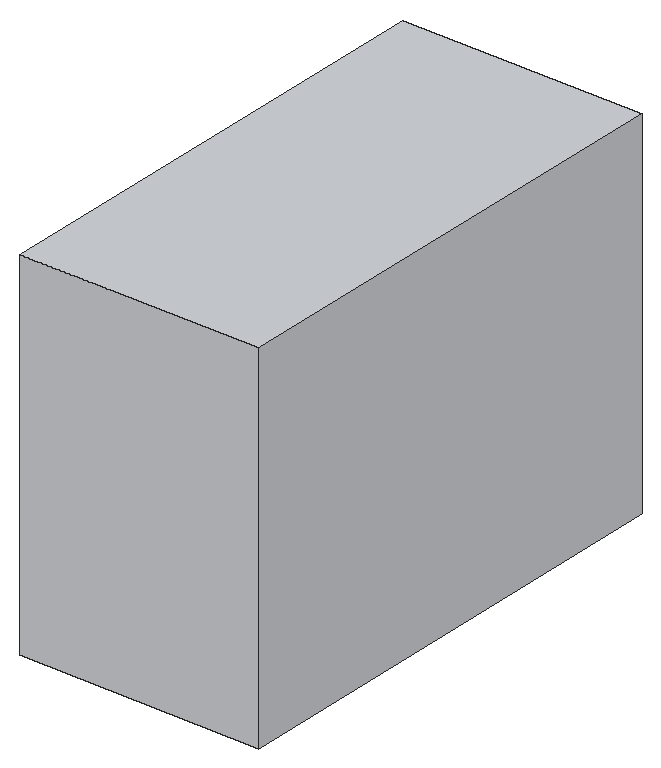
Revit family "box", category Möbel, Revit 2021
Family settings
  Arbeitsebenenbasiert = Nein
  Immer vertikal = Ja
  Beim Laden mit Abzugskörper schneiden = Nein
  Gemeinsam genutzt = Nein
  Raumberechnungspunkt = Nein
Parameters (values of type "box 200 x 300 x 400")
  Vorgabe-Ansicht = 0 mm
  Tiefe = 400 mm
  Höhe = 300 mm
  Breite = 200 mm
Types (3, lengths in mm): name | Tiefe | Höhe | Breite
  (no name) | 400 | 300 | 200
  box 500 x 500 x 500 | 500 | 500 | 500
  box 200 x 300 x 400 | 400 | 300 | 200
Reference planes
  plane 1 "Mitte (Vorne/hinten)": y = 0
  plane 2: z = 0
  plane 3 "Mitte (Links/rechts)": x = 0
  plane 4 "links": x = -100
  plane 5 "rechts": x = 100
  plane 6 "hinten": y = 200
  plane 7 "vorne": y = -200
  plane 8 "oben": z = 300
Forms (mm)
  Extrusion 1, solid
    sketch origin (0, 0, 0) x (1, 0, 0) y (0, 1, 0)
      loop
        line (-100, 200) -> (-100, -200) -> (100, -200) -> (100, 200) -> (-100, 200)
    from 0 to 300
Dimensions and locks
  "Breite": plane 4 "links" to plane 5 "rechts"
  "Tiefe": plane 6 "hinten" to plane 7 "vorne"
  "Höhe": plane 8 "oben" to plane 2
  equal spacing: plane 4 "links", plane 3 "Mitte (Links/rechts)", plane 5 "rechts"
  equal spacing: plane 6 "hinten", plane 1 "Mitte (Vorne/hinten)", plane 7 "vorne"
  aligned and locked: level to plane 2
  aligned and locked: plane 4 "links" to Extrusion 1 sketch curve
  aligned and locked: Extrusion 1 sketch curve to plane 6 "hinten"
  aligned and locked: Extrusion 1 sketch curve to plane 5 "rechts"
  aligned and locked: plane 7 "vorne" to Extrusion 1 sketch curve
  aligned and locked: plane 8 "oben" to Extrusion 1
  aligned and locked: Extrusion 1 to level
